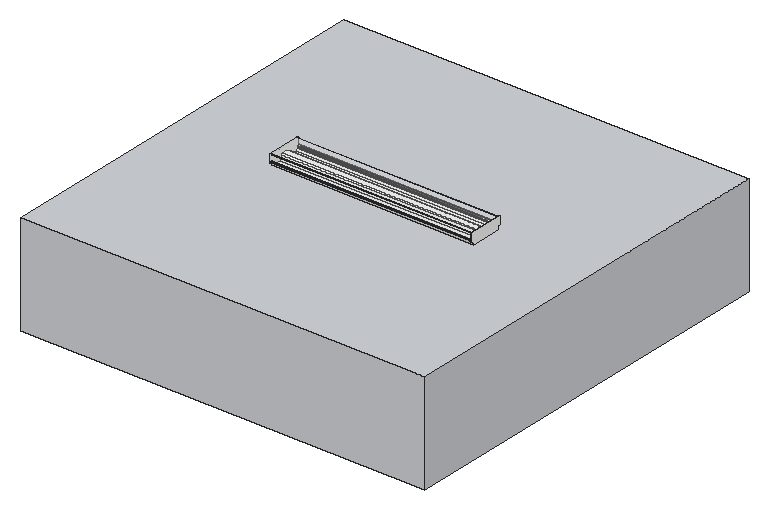
Revit family "AWN4", category Lighting Fixtures, host Face, Revit 2012
Parameters (values of type "AWN4-232")
  Wattage Comments = "54 W"
  Wattage = 54 W
  built-in parameter 1150110 = 1 (stored number, unit not read)
  Voltage = 0 V
  URL = "http://www.columbialighting.com/"
  built-in parameter 1114217 = 1 (stored number, unit not read)
  Tilt Angle = 90.00°
  built-in parameter 1150109 = 1 (stored number, unit not read)
  built-in parameter 1150134 = (empty or 0)
  built-in parameter 1150113 = 1 (stored number, unit not read)
  Product Page URL = "http://www.columbialighting.com/products/aw/"
  Product Documentation Link = "http://www.columbialighting.com/content/products/specs/specs_files/awn.pdf"
  Photometric Web File = "12409.IES"
  Model = "AWN"  # constant formula
  Manufacturer Phone = "(864)-678-1000"  # constant formula
  Manufacturer Fax = "866-898-1065"  # constant formula
  Manufacturer = "Columbia Lighting"  # constant formula
  built-in parameter 1150105 = 309.4 (stored number, unit not read)
  Lumens = 3888 lm
  built-in parameter 1150115 = 1 (stored number, unit not read)
  built-in parameter 1150137 = (empty or 0)
  built-in parameter 1150139 = (empty or 0)
  Lamp Type = "4', T8: 32, 30, 28 or 25 Watt"
  built-in parameter 1150112 = 1 (stored number, unit not read)
  built-in parameter 1150114 = 1 (stored number, unit not read)
  Lamp = "F32T8"
  built-in parameter 1150132 = (empty or 0)
  built-in parameter 1150102 = (empty or 0)
  built-in parameter 1150107 = 2725 (stored number, unit not read)
  built-in parameter 1150138 = (empty or 0)
  built-in parameter 1150106 = 3.094 (stored number, unit not read)
  Glass = Glass
  Emit from Line Length = 45.000"
  built-in parameter 1150104 = 6.689 (stored number, unit not read)
  Dimming Lamp Color Temperature Shift = <None>
  Description = "The AW is a low profile wraparound fixture that offers two, three, or four lamp cross sections."  # constant formula
  Default Elevation = 48.000"
  Color Filter = 16777215
  built-in parameter 1114218 = 1 (stored number, unit not read)
  Ballast = "Electronic T8, Instant Start"
  Backbox = White
  built-in parameter 1150133 = 10 (stored number, unit not read)
  Apparent Load = 0 VA
Reference planes (in)
  plane 1 "Center (Front/Back)": y = 0.03999
  plane 2: z = 0.06357
  plane 3 "Center (Left/Right)": x = 0.01104
  plane 4: y = -4.11626
  plane 5: y = 4.19624
  plane 6: x = -23.78896
  plane 7: x = 23.81104
  plane 8: z = 2.93857
  plane 9: x = -23.98896
  plane 10: x = 24.01104
Forms (in)
  Extrusion 1, solid
    sketch origin (0, 0, 0.06357) x (1, 0, 0) y (0, 1, 0)
      loop
        line (-48, 48) -> (-48, -48) -> (48, -48) -> (48, 48) -> (-48, 48)
    from 0 to -24.06357
  Extrusion 2, solid, material "White" <- "Backbox"
    sketch origin (0.01104, 0.07998, 2.99778) x (0, -1, 0) y (0, 0, -1)
      loop
        line (4.19624, 0.06357) -> (4.19624, 1.98788) -> (3.80548, 1.98788) -> (3.80548, 2.17405) -> (3.58548, 2.77851) -> (-3.50549, 2.77851) -> (-3.7255, 2.17405) -> (-3.7255, 1.98788) -> (-4.11626, 1.98788) -> (-4.11626, 0.06357) -> (4.19624, 0.06357)
    from 23.8 to 24
  Extrusion 3, solid, material "White" <- "Backbox"
    sketch origin (0.01104, 0.07998, 2.99778) x (0, -1, 0) y (0, 0, -1)
      loop
        line (3.80548, 1.98788) -> (3.80548, 2.17405) -> (3.58548, 2.77851) -> (-3.50549, 2.77851) -> (-3.7255, 2.17405) -> (-3.7255, 1.98788) -> (-4.11626, 1.98788) -> (-4.11626, 1.93788) -> (-3.6755, 1.93788) -> (-3.6755, 2.16523) -> (-3.47048, 2.72851) -> (-1.22048, 2.72851) -> (-0.9688, 1.54445) -> (-0.63074, 1.34927) -> (0.71072, 1.34927) -> (1.04879, 1.54445) -> (1.30047, 2.72851) -> (3.55047, 2.72851) -> (3.75548, 2.16523) -> (3.75548, 1.98788) -> (3.80548, 1.98788)
    from -23.8 to 24
  Extrusion 4, solid, material "White" <- "Backbox"
    sketch origin (0.01104, 0.07998, 2.99778) x (0, -1, 0) y (0, 0, 1)
      loop
        line (4.19624, -0.06357) -> (-4.11626, -0.06357) -> (-4.11626, -1.98788) -> (-3.7255, -1.98788) -> (-3.7255, -2.17405) -> (-3.50549, -2.77851) -> (3.58548, -2.77851) -> (3.80548, -2.17405) -> (3.80548, -1.98788) -> (4.19624, -1.98788) -> (4.19624, -0.06357)
    from 23.8 to 24
  Extrusion 5, solid, material "Glass" <- "Glass"
    sketch origin (0.01104, 0, 0) x (0, 1, 0) y (0, 0, 1)
      loop
        line (4.07624, 1.38747) -> (4.07624, 2.75136)
        arc (4.07624, 2.75136) -> (4.05656, 2.79888) -> (4.00904, 2.81857) r 0.0672
        line (4.00904, 2.81857) -> (-3.92905, 2.81857)
        arc (-3.92905, 2.81857) -> (-3.97658, 2.79888) -> (-3.99626, 2.75136) r 0.0672
        line (-3.99626, 2.75136) -> (-3.99626, 1.38747)
        arc (-3.99626, 1.38747) -> (-3.90032, 1.15585) -> (-3.66869, 1.05991) r 0.32757
        line (-3.66869, 1.05991) -> (-3.66869, 1.13491)
        arc (-3.66869, 1.13491) -> (-3.84728, 1.20888) -> (-3.92126, 1.38747) r 0.25257
        line (-3.92126, 1.38747) -> (-3.92126, 2.70357)
        arc (-3.92126, 2.70357) -> (-3.90954, 2.73185) -> (-3.88126, 2.74357) r 0.04
        line (-3.88126, 2.74357) -> (3.95394, 2.74357)
        arc (3.95394, 2.74357) -> (3.98739, 2.72971) -> (4.00124, 2.69627) r 0.0473
        line (4.00124, 2.69627) -> (4.00124, 1.38747)
        arc (4.00124, 1.38747) -> (3.92727, 1.20888) -> (3.74867, 1.13491) r 0.25257
        line (3.74867, 1.13491) -> (3.74867, 1.05991)
        arc (3.74867, 1.05991) -> (3.9803, 1.15585) -> (4.07624, 1.38747) r 0.32757
    from -23.8 to 23.8
Cuts and joins
  joined: Extrusion 2, Extrusion 3, Extrusion 4
Dimensions and locks (in)
  locked: plane 4 to plane 1 "Center (Front/Back)" at 4.15625
  locked: plane 5 to plane 1 "Center (Front/Back)" at 4.15625
  locked: plane 8 to Extrusion 1 at 2.875
  plane 3 "Center (Left/Right)" to plane 7 = 23.800"
  plane 3 "Center (Left/Right)" to plane 6 = 23.800"
  locked: plane 5 to imposter light at 4.11953
  locked: plane 9 to plane 3 "Center (Left/Right)" at 24
  locked: plane 10 to plane 3 "Center (Left/Right)" at 24
  aligned and locked: plane 2 to Extrusion 1
  aligned and locked: level to Extrusion 1
  aligned and locked: Extrusion 2 to Extrusion 3 sketch curve
  aligned and locked: Extrusion 3 to Extrusion 4
  aligned and locked: Extrusion 5 to Extrusion 3
  aligned and locked: Extrusion 5 to Extrusion 2
  aligned and locked: plane 6 to Extrusion 4
  aligned and locked: Extrusion 2 to Extrusion 3
  aligned and locked: plane 7 to Extrusion 2
Connectors (in)
  electrical at (0, 0, 0.06357), driven by "Description", driven by "Voltage", driven by "Apparent Load"
    settings: index 1, voltage 0 V, apparent load 0 VA, apparent load phase1 0 VA, apparent load phase2 0 VA, apparent load phase3 0 VA, power factor 1, load classification "Other", number of poles 1, system type 30, power factor state 1, is connector primary yes, connector utility no, sub classification motor no, connector description "The AW is a low profile wraparound fixture that offers two, three, or four lamp cross sections."
